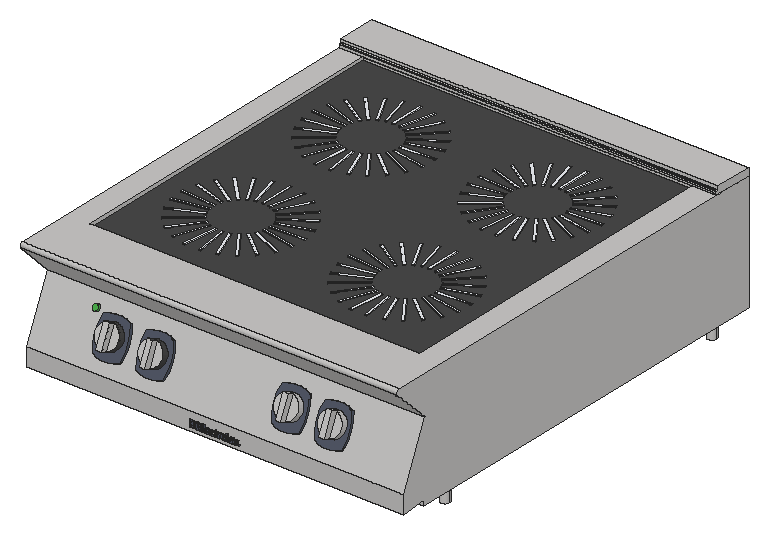
Revit family "QF_ELECTROLUXPROFESSIONAL_391170_E9IREH400N", category Specialty Equipment, Revit 2018 (continued)
Definition of nested family "INDUCTION BURNER"
  Automatic sketch dimensions
    curve 65 to curve 67 = 4.045 mm
    curve 97 to curve 96 = 7.786 mm
    curve 95 to curve 96 = 3.645 mm
    curve 67 to curve 72 = 7.016 mm
    curve 62 to plane 5 "FRONT" = 8.314 mm
    curve 69 to curve 71 = 3.187 mm
    curve 93 to curve 92 = 6.135 mm
    curve 71 to curve 76 = 5.157 mm
    curve 73 to curve 76 = 2.129 mm
    curve 75 to plane 8 "Center X" = 22.512 mm
    curve 89 to curve 88 = 4.098 mm
    plane 8 "Center X" to curve 88 = 15.603 mm
    curve 75 to curve 77 = 2.974 mm
    curve 79 to plane 8 "Center X" = 8.447 mm
    curve 77 to curve 79 = 0.937 mm
    curve 85 to curve 84 = 1.803 mm
    plane 8 "Center X" to curve 84 = 1.158 mm
    curve 83 to curve 84 = 0.314 mm
    plane 1 "BACK" to curve 98 = 15.061 mm
    curve 98 to curve 98 = 4.382 mm
    curve 66 to curve 70 = 20.413 mm
    curve 91 to plane 4 "RIGHT" = 21.81 mm
    curve 90 to curve 90 = 2.679 mm
    curve 74 to plane 4 "RIGHT" = 13.58 mm
    curve 86 to plane 4 "RIGHT" = 7.209 mm
    curve 86 to curve 86 = 1.545 mm
    curve 79 to plane 4 "RIGHT" = 1.861 mm
    curve 82 to plane 4 "RIGHT" = 0.103 mm
    curve 46 to curve 46 = 2.939 mm
    curve 45 to curve 42 = 19.169 mm
    curve 66 to curve 70 = 19.169 mm
    curve 69 to curve 71 = 3.853 mm
    curve 56 to curve 60 = 0 mm
    curve 55 to curve 53 = 0.627 mm
    curve 57 to curve 59 = 0.627 mm
    curve 53 to curve 52 = 2.394 mm
    curve 59 to curve 61 = 2.394 mm
    curve 73 to curve 75 = 4.524 mm
    curve 51 to curve 49 = 1.841 mm
    curve 61 to curve 63 = 1.841 mm
    curve 49 to curve 48 = 4.637 mm
    curve 63 to curve 65 = 4.637 mm
    curve 65 to curve 67 = 2.939 mm
    curve 67 to curve 72 = 6.589 mm
    curve 45 to curve 44 = 6.589 mm
    curve 43 to curve 44 = 3.853 mm
    curve 39 to curve 37 = 4.524 mm
    curve 77 to curve 78 = 4.911 mm
    curve 34 to curve 33 = 4.911 mm
    plane 8 "Center X" to curve 31 = 5.762 mm
    plane 8 "Center X" to curve 81 = 5.762 mm
    curve 30 to curve 30 = 4.99 mm
    curve 81 to curve 83 = 4.99 mm
    curve 87 to curve 89 = 8.709 mm
    curve 25 to curve 23 = 8.709 mm
    curve 23 to curve 21 = 4.222 mm
    curve 91 to curve 96 = 7.416 mm
    curve 21 to curve 20 = 7.416 mm
    curve 26 to curve 26 = 4.755 mm
    curve 86 to curve 86 = 4.755 mm
    curve 19 to curve 20 = 3.423 mm
    curve 93 to curve 95 = 3.423 mm
    curve 17 to curve 16 = 5.657 mm
    curve 95 to curve 97 = 5.657 mm
    curve 16 to curve 13 = 2.409 mm
    curve 97 to curve 100 = 2.409 mm
    curve 99 to curve 8 = 3.543 mm
    curve 13 to curve 11 = 3.543 mm
    curve 5 to curve 8 = 1.243 mm
    curve 11 to curve 12 = 1.243 mm
    curve 9 to curve 3 = 1.206 mm
    curve 90 to curve 91 = 4.222 mm
    curve 91 to curve 94 = 21.576 mm
    plane 1 "BACK" to Extrusion 1 sketch curve = 0 mm
    plane 3 "LEFT" to Extrusion 1 sketch curve = 0.103 mm
    plane 3 "LEFT" to Extrusion 1 sketch curve = 0.416 mm
    plane 3 "LEFT" to Extrusion 1 sketch curve = 1.861 mm
    plane 3 "LEFT" to Extrusion 1 sketch curve = 2.798 mm
    plane 3 "LEFT" to Extrusion 1 sketch curve = 5.664 mm
    Extrusion 1 sketch curve to Extrusion 1 sketch curve = 1.545 mm  (x2)
    plane 3 "LEFT" to Extrusion 1 sketch curve = 11.451 mm
    Extrusion 1 sketch curve to Extrusion 1 sketch curve = 2.129 mm  (x2)
    plane 3 "LEFT" to Extrusion 1 sketch curve = 19.131 mm
    Extrusion 1 sketch curve to Extrusion 1 sketch curve = 2.679 mm  (x2)
    Extrusion 1 sketch curve to Extrusion 1 sketch curve = 15.004 mm
    Extrusion 1 sketch curve to Extrusion 1 sketch curve = 3.187 mm  (x2)
    Extrusion 1 sketch curve to Extrusion 1 sketch curve = 17.849 mm
    plane 1 "BACK" to Extrusion 1 sketch curve = 33.929 mm
    Extrusion 1 sketch curve to Extrusion 1 sketch curve = 3.645 mm  (x2)
    Extrusion 1 sketch curve to Extrusion 1 sketch curve = 20.413 mm  (x2)
    Extrusion 1 sketch curve to plane 5 "FRONT" = 23.645 mm  (x2)
    Extrusion 1 sketch curve to Extrusion 1 sketch curve = 4.045 mm  (x2)
    Extrusion 1 sketch curve to Extrusion 1 sketch curve = 22.654 mm  (x2)
    plane 1 "BACK" to Extrusion 1 sketch curve = 15.061 mm  (x2)
    Extrusion 1 sketch curve to Extrusion 1 sketch curve = 4.382 mm  (x2)
    plane 8 "Center X" to Extrusion 1 sketch curve = 1.158 mm  (x2)
    Extrusion 1 sketch curve to plane 7 "Center Y" = 58.228 mm
    Extrusion 1 sketch curve to plane 8 "Center X" = 8.447 mm  (x2)
    Extrusion 1 sketch curve to Extrusion 1 sketch curve = 0.604 mm
    plane 8 "Center X" to Extrusion 1 sketch curve = 15.603 mm  (x2)
    Extrusion 1 sketch curve to Extrusion 1 sketch curve = 1.803 mm  (x2)
    Extrusion 1 sketch curve to plane 8 "Center X" = 22.512 mm  (x2)
    Extrusion 1 sketch curve to Extrusion 1 sketch curve = 2.974 mm  (x2)
    Extrusion 1 sketch curve to plane 5 "FRONT" = 10.155 mm
    Extrusion 1 sketch curve to Extrusion 1 sketch curve = 24.538 mm  (x2)
    Extrusion 1 sketch curve to Extrusion 1 sketch curve = 4.098 mm  (x2)
    Extrusion 1 sketch curve to Extrusion 1 sketch curve = 5.157 mm  (x2)
    Extrusion 1 sketch curve to plane 5 "FRONT" = 8.314 mm  (x2)
    Extrusion 1 sketch curve to Extrusion 1 sketch curve = 4.649 mm  (x2)
    Extrusion 1 sketch curve to Extrusion 1 sketch curve = 6.135 mm  (x2)
    Extrusion 1 sketch curve to Extrusion 1 sketch curve = 7.016 mm  (x2)
    plane 1 "BACK" to Extrusion 1 sketch curve = 4.753 mm
    Extrusion 1 sketch curve to Extrusion 1 sketch curve = 26.036 mm  (x2)
    plane 1 "BACK" to Extrusion 1 sketch curve = 3.51 mm  (x2)
    Extrusion 1 sketch curve to Extrusion 1 sketch curve = 4.843 mm  (x2)
    Extrusion 1 sketch curve to Extrusion 1 sketch curve = 7.786 mm  (x2)
    Extrusion 1 sketch curve to Extrusion 1 sketch curve = 8.434 mm  (x2)
    Extrusion 1 sketch curve to plane 5 "FRONT" = 1.35 mm
    Extrusion 1 sketch curve to plane 7 "Center Y" = 18.962 mm
    Extrusion 1 sketch curve to Extrusion 1 sketch curve = 8.949 mm  (x2)
    Extrusion 1 sketch curve to plane 5 "FRONT" = 0.724 mm  (x2)
    Extrusion 1 sketch curve to Extrusion 1 sketch curve = 4.961 mm  (x2)
    Extrusion 1 sketch curve to Extrusion 1 sketch curve = 9.322 mm  (x2)
    Extrusion 1 sketch curve to plane 7 "Center Y" = 2.5 mm
    plane 7 "Center Y" to Extrusion 1 sketch curve = 2.5 mm
    plane 7 "Center Y" to Extrusion 1 sketch curve = 4.812 mm
    Extrusion 1 sketch curve to Extrusion 1 sketch curve = 9.549 mm
    plane 7 "Center Y" to Extrusion 1 sketch curve = 14.001 mm
    Extrusion 1 sketch curve to Extrusion 1 sketch curve = 27.781 mm
    Extrusion 1 sketch curve to Extrusion 1 sketch curve = 27.122 mm
    plane 8 "Center X" to Extrusion 1 sketch curve = 29.067 mm
    plane 8 "Center X" to Extrusion 1 sketch curve = 20.358 mm
    Extrusion 1 sketch curve to plane 8 "Center X" = 13.359 mm
    Extrusion 1 sketch curve to Extrusion 1 sketch curve = 0.937 mm
    plane 8 "Center X" to Extrusion 1 sketch curve = 6.149 mm
    Extrusion 1 sketch curve to Extrusion 1 sketch curve = 0.314 mm
    Extrusion 1 sketch curve to plane 4 "RIGHT" = 21.81 mm
    Extrusion 1 sketch curve to plane 4 "RIGHT" = 13.58 mm
    Extrusion 1 sketch curve to plane 4 "RIGHT" = 7.209 mm
    Extrusion 1 sketch curve to plane 4 "RIGHT" = 2.798 mm
    Extrusion 1 sketch curve to plane 4 "RIGHT" = 0.416 mm
    Extrusion 1 sketch curve to Extrusion 1 sketch curve = 0.627 mm
    Extrusion 1 sketch curve to Extrusion 1 sketch curve = 1.841 mm
    Extrusion 1 sketch curve to Extrusion 1 sketch curve = 2.939 mm  (x2)
    Extrusion 1 sketch curve to Extrusion 1 sketch curve = 19.169 mm  (x2)
    Extrusion 1 sketch curve to Extrusion 1 sketch curve = 3.853 mm  (x2)
    Extrusion 1 sketch curve to Extrusion 1 sketch curve = 23.643 mm  (x2)
    Extrusion 1 sketch curve to plane 8 "Center X" = 27.096 mm
    plane 8 "Center X" to Extrusion 1 sketch curve = 5.762 mm
    Extrusion 1 sketch curve to Extrusion 1 sketch curve = 4.755 mm
    Extrusion 1 sketch curve to Extrusion 1 sketch curve = 8.709 mm
    Extrusion 1 sketch curve to Extrusion 1 sketch curve = 4.222 mm  (x2)
    Extrusion 1 sketch curve to Extrusion 1 sketch curve = 7.416 mm  (x2)
    Extrusion 1 sketch curve to Extrusion 1 sketch curve = 3.423 mm
    Extrusion 1 sketch curve to Extrusion 1 sketch curve = 5.657 mm  (x2)
    Extrusion 1 sketch curve to Extrusion 1 sketch curve = 3.543 mm
    Extrusion 1 sketch curve to Extrusion 1 sketch curve = 1.206 mm
